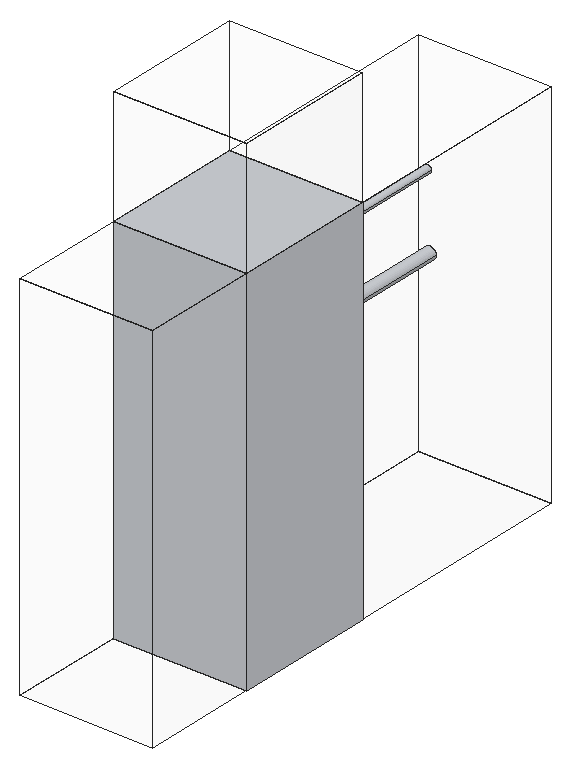
Revit family
Parameters (values of type "PBN2001")
  WATER CONN SIZE = 2 1/2"  # constant formula
  Voltage/Heater = "120"
  VENT SIZE = Vent Radius * 2  # 8"
  Total Amps = "6.5"
  Top Clearance Depth = 24"
  SES BIM Studio # = "201264901-8"
  GAS CONN SIZE = Gas Conn Radius * 2  # 1 1/2"
  Front Clearance Depth = 24"
  Drain Radius = 3/8"  # constant formula
  Control Voltage = "24"
  C_WIDTH = 27 1/4"
  Vent Radius = if(A_HEIGHT = 44 1/2", if(with Category II Conversion Kit, 3 1/2", 2"), if(A_HEIGHT = 52", if(with Category II Conversion Kit, 4 1/2", 2 1/2"), if(A_HEIGHT = 59 1/4", if(with Category II Conversion Kit, 5", 3"), if(A_HEIGHT = 67 3/4", if(with Category II Conversion Kit, 6", 4"), if(A_HEIGHT = 65 1/2", if(with Category II Conversion Kit, 4", 3"), if(A_HEIGHT = 70", if(with Category II Conversion Kit, 4 1/2", 3 1/2"), if(with Category II Conversion Kit, 5", 4")))))))  # 4"
  G_Vent Length = 8"
  M_Vent Height = 27 1/2"
  F_Vent Offset From Left = 13 1/2"
  URL = "http://www.lochinvar.com/products/default.aspx?type=productline&lineid=6"
  L_Water Outlet Offset From Left = 5 3/4"
  OUTPUT RATE (BTUH) = "1700000"
  Model = "PBN2001"
  Manufacturer = "Lochinvar"
  MODEL NO. = "PBN2001"
  B_LENGTH = 29 3/4"
  Keynote = ""
  Pipe Length = 24 1/2"
  K_Water Inlet & Outlet Height = 54 3/4"
  N_Water Inlet Offset From Left = 21 1/2"
  INPUT RATE (BTUH) = "2000000"
  A_HEIGHT = 76 3/4"
  D_Gas Conn Height = 70"
  Gas Conn Radius = 3/4"
  E_Gas Conn Offset From Left = 21"
  FUEL TYPE = ""
  Description = "Power-Fin Boiler"
  with Category II Conversion Kit = no
  Back Clearance Length = Pipe Length + 24"  # 48 1/2"
  Air Inlet Radius = 4"
  J_Air Inlet Offset from Left = 9 1/2"
  H_Air Inlet Offset From Top = 10"
  AIR INLET SIZE = Air Inlet Radius * 2  # 8"
  # of Connections = "1"
Types (8): name | Voltage/Heater | VENT SIZE | Total Amps | Top Clearance Depth | GAS CONN SIZE | Front Clearance Depth | Control Voltage | C_WIDTH | Vent Radius | G_Vent Length | M_Vent Height | F_Vent Offset From Left | L_Water Outlet Offset From Left | OUTPUT RATE (BTUH) | Model | MODEL NO. | B_LENGTH | Pipe Length | K_Water Inlet & Outlet Height | N_Water Inlet Offset From Left | INPUT RATE (BTUH) | A_HEIGHT | D_Gas Conn Height | Gas Conn Radius | E_Gas Conn Offset From Left | Back Clearance Length | Air Inlet Radius | J_Air Inlet Offset from Left | H_Air Inlet Offset From Top | AIR INLET SIZE | # of Connections
  (no name) | "120" | 8" | "6.5" | 24" | 1 1/2" | 24" | "24" | 27 1/4" | 4" | 8" | 27 1/2" | 13 1/2" | 5 3/4" | "1700000" | "PBN2001" | "PBN2001" | 29 3/4" | 24 1/2" | 54 3/4" | 21 1/2" | "2000000" | 76 3/4" | 70" | 3/4" | 21" | 48 1/2" | 4" | 9 1/2" | 10" | 8" | "1"
  PBN0502 | "" | 4" | "" | 0" | 1" | 0" | "" | 23 1/4" | 2" | 6" | 11 1/4" | 6 1/2" | 11 1/2" | "425000" | "PBN0502" | "PBN0502" | 28 1/2" | 15 1/4" | 23" | 17 1/2" | "500000" | 44 1/2" | 34" | 1/2" | 17 3/4" | 39 1/4" | 2 1/2" | 7 3/4" | 8" | 5" | ""
  PBN0752 | "120" | 5" | "6.7" | 0" | 1 1/4" | 0" | "24" | 23 1/4" | 2 1/2" | 6" | 11 1/4" | 6 3/4" | 11 1/2" | "638000" | "PBN0752" | "PBN0752" | 28 1/2" | 15 1/4" | 30 1/2" | 17 1/2" | "750000" | 52" | 41 1/2" | 5/8" | 17 3/4" | 39 1/4" | 2 1/2" | 7 3/4" | 8" | 5" | "1"
  PBN1002 | "120" | 6" | "6.7" | 0" | 1 1/4" | 0" | "24" | 23 1/4" | 3" | 6" | 11 1/4" | 7 1/4" | 11 1/2" | "850000" | "PBN1002" | "PBN1002" | 28 1/2" | 15 1/4" | 37 3/4" | 17 1/2" | "999000" | 59 1/4" | 48 3/4" | 5/8" | 17 3/4" | 39 1/4" | 3" | 7 3/4" | 8" | 6" | "1"
  PBN1302 | "120" | 8" | "6.7" | 0" | 1 1/4" | 0" | "24" | 23 1/4" | 4" | 6" | 19 1/2" | 8 1/4" | 11 1/2" | "1105000" | "PBN1302" | "PBN1302" | 28 1/2" | 15 1/4" | 46 1/4" | 17 1/2" | "1300000" | 67 3/4" | 57 1/4" | 5/8" | 17 3/4" | 39 1/4" | 3" | 7 3/4" | 8" | 6" | "1"
  PBN1501 | "120" | 6" | "6.5" | 0" | 1 1/2" | 0" | "24" | 27 1/4" | 3" | 8" | 22 1/4" | 13 1/2" | 5 3/4" | "1275000" | "PBN1501" | "PBN1501" | 29 3/4" | 24 1/2" | 43 1/2" | 21 1/2" | "1500000" | 65 1/2" | 58 3/4" | 3/4" | 21" | 48 1/2" | 3" | 9 1/2" | 10" | 6" | "1"
  PBN1701 | "120" | 7" | "6.5" | 0" | 1 1/2" | 0" | "24" | 27 1/4" | 3 1/2" | 8" | 25" | 13 1/2" | 5 3/4" | "1445000" | "PBN1701" | "PBN1701" | 29 3/4" | 24 1/2" | 48" | 21 1/2" | "1700000" | 70" | 63 1/4" | 3/4" | 21" | 48 1/2" | 3 1/2" | 9 1/2" | 10" | 7" | "1"
  PBN2001 | "120" | 8" | "6.5" | 24" | 1 1/2" | 24" | "24" | 27 1/4" | 4" | 8" | 27 1/2" | 13 1/2" | 5 3/4" | "1700000" | "PBN2001" | "PBN2001" | 29 3/4" | 24 1/2" | 54 3/4" | 21 1/2" | "2000000" | 76 3/4" | 70" | 3/4" | 21" | 48 1/2" | 4" | 9 1/2" | 10" | 8" | "1"
Reference planes (in)
  plane 1 "Back": y = -11.25
  plane 2: z = 0
  plane 3 "Left": x = 0
  plane 4 "Right": x = 27.25
  plane 5 "Front": y = -41
  plane 6: y = 13.25
  plane 7 "Vent Length": y = -3.25
Forms (in)
  Extrusion 1, solid
    sketch origin (2, -32, 0) x (1, 0, 0) y (0, 1, 0)
      loop
        line (-2, -9) -> (25.25, -9) -> (25.25, 20.75) -> (-2, 20.75) -> (-2, -9)
    from 0 to 76.75 <- "A_HEIGHT"
  Extrusion 2, solid
    sketch origin (0, -11.25, 0) x (1, 0, 0) y (0, 0, 1)
      loop
        circle (13.5, 27.5) r 4
    from 0 to -8
  Extrusion 3, solid
    sketch origin (0, -11.25, 0) x (1, 0, 0) y (0, 0, 1)
      loop
        circle (5.75, 54.75) r 1.25
    from 0 to -24.5
  Extrusion 4, solid
    sketch origin (7, -11.25, 0) x (1, 0, 0) y (0, 0, 1)
      loop
        circle (14.5, 54.75) r 1.25
    from 0 to -24.5
  Extrusion 5, solid
    sketch origin (7, -11.25, 9) x (1, 0, 0) y (0, 0, 1)
      loop
        circle (14, 61) r 0.75
    from 0 to -24.5
  Extrusion 6, solid
    sketch origin (0, -11.25, 0) x (1, 0, 0) y (0, 0, 1)
      loop
        circle (9.5, 66.75) r 4
    from 0 to -3
  Extrusion 7, solid, material "Clearance"
    sketch origin (27.25, -41, 0) x (-1, 0, 0) y (0, 0, -1)
      loop
        line (27.25, -76.75) -> (27.25, 0) -> (0, 0) -> (0, -76.75) -> (27.25, -76.75)
    from 0 to 24
  Extrusion 8, solid, material "Clearance"
    sketch origin (2, -32, 76.75) x (1, 0, 0) y (0, 1, 0)
      loop
        line (-2, 20.75) -> (-2, -9) -> (25.25, -9) -> (25.25, 20.75) -> (-2, 20.75)
    from 0 to 24
  Extrusion 9, solid, material "Clearance"
    sketch origin (0, -11.25, 0) x (1, 0, 0) y (0, 0, -1)
      loop
        line (27.25, -76.75) -> (27.25, 0) -> (0, 0) -> (0, -76.75) -> (27.25, -76.75)
    from 0 to 48.5 <- "Back Clearance Length"
  Extrusion 10, solid
    sketch origin (5.875, -11.25, -26.375) x (1, 0, 0) y (0, 0, 1)
      loop
        circle (13.5, 27.5) r 0.375
    from 0 to -8
  Extrusion 11, solid
    sketch origin (3.875, -11.25, -26.375) x (1, 0, 0) y (0, 0, 1)
      loop
        circle (13.5, 27.5) r 0.375
    from 0 to -8
Dimensions and locks (in)
  "F_Vent Offset From Left": Extrusion 1 to Extrusion 2 sketch curve
  "M_Vent Height": Extrusion 1 to Extrusion 2 sketch curve
  "L_Water Outlet Offset From Left": Extrusion 1 to Extrusion 3 sketch curve
  "K_Water Inlet & Outlet Height": level to Extrusion 3 sketch curve
  "K_Water Inlet & Outlet Height": level to Extrusion 4 sketch curve
  "N_Water Inlet Offset From Left": Extrusion 1 to Extrusion 4 sketch curve
  "E_Gas Conn Offset From Left": Extrusion 1 to Extrusion 5 sketch curve
  "D_Gas Conn Height": level to Extrusion 5 sketch curve
  "J_Air Inlet Offset from Left": Extrusion 1 to Extrusion 6 sketch curve
  "H_Air Inlet Offset From Top": Extrusion 6 sketch curve to Extrusion 1
  "C_WIDTH": plane 3 "Left" to plane 4 "Right"
  "B_LENGTH": plane 5 "Front" to plane 1 "Back"
  "Pipe Length": plane 1 "Back" to plane 6
  "G_Vent Length": plane 1 "Back" to plane 7 "Vent Length"
  "Vent Radius": radius of Extrusion 2 sketch curve
  radius of Extrusion 3 sketch curve = 1 1/4"
  radius of Extrusion 4 sketch curve = 1 1/4"
  "Gas Conn Radius": radius of Extrusion 5 sketch curve
  "Air Inlet Radius": radius of Extrusion 6 sketch curve
  "Drain Radius": radius of Extrusion 10 sketch curve
  "Drain Radius": radius of Extrusion 11 sketch curve
  aligned and locked: Extrusion 1 to plane 3 "Left"
  aligned and locked: Extrusion 1 to plane 1 "Back"
  aligned and locked: Extrusion 1 to plane 4 "Right"
  aligned and locked: Extrusion 1 to plane 5 "Front"
  aligned and locked: Extrusion 5 to plane 6
  aligned and locked: Extrusion 4 to Extrusion 5
  aligned and locked: Extrusion 3 to plane 6
  aligned and locked: Extrusion 2 to plane 7 "Vent Length"
  aligned and locked: Extrusion 7 sketch curve to Extrusion 1  (x4)
  aligned and locked: Extrusion 8 sketch curve to Extrusion 1  (x2)
  aligned and locked: plane 5 "Front" to Extrusion 8 sketch curve
  aligned and locked: Extrusion 8 sketch curve to Extrusion 7
  aligned and locked: Extrusion 9 sketch curve to Extrusion 1  (x4)
Automatic sketch dimensions
  plane 3 "Left" to Extrusion 1 sketch curve = 0"
  plane 1 "Back" to Extrusion 1 sketch curve = 29 3/4"
  plane 3 "Left" to Extrusion 1 sketch curve = 27 1/4"
  Extrusion 1 sketch curve to Extrusion 1 sketch curve = 29 3/4"
  plane 4 "Right" to Extrusion 10 sketch curve = 7 7/8"
  level to Extrusion 10 sketch curve = 1 1/8"
  level to Extrusion 11 sketch curve = 1 1/8"
  plane 4 "Right" to Extrusion 11 sketch curve = 9 7/8"
Connectors (in)
  piping at (21, 13.25, 70), driven by "Gas Conn Radius"
    settings: on Extrusion 5, index 2, connector radius 3/4", flow factor 0, pipe flow 0 GPM, pressure drop 0.00 psi, fitting loss kfactor 0, connector angle 0.00°, fixture units 0, flow configuration 1, flow direction 1, fitting loss method 0, system type 22, connector reference index -1, connector utility 0, adjustable connector no, is connector primary yes, fitting loss table "", connector description "Gas Connection"
  piping at (21.5, 13.25, 54.75)
    settings: on Extrusion 4, index 4, connector radius 1 1/4", flow factor 0, pipe flow 0 GPM, pressure drop 0.00 psi, fitting loss kfactor 0, connector angle 0.00°, fixture units 0, flow configuration 0, flow direction 1, fitting loss method 0, system type 7, connector reference index -1, connector utility 0, adjustable connector no, is connector primary no, fitting loss table "", connector description "Cold Water Inlet"
  piping at (5.75, 13.25, 54.75)
    settings: on Extrusion 3, index 5, connector radius 1 1/4", flow factor 0, pipe flow 0 GPM, pressure drop 0.00 psi, fitting loss kfactor 0, connector angle 0.00°, fixture units 0, flow configuration 0, flow direction 2, fitting loss method 0, system type 7, connector reference index -1, connector utility 0, adjustable connector no, is connector primary no, fitting loss table "", connector description "Hot Water Outlet"
  hvac at (13.5, -3.25, 27.5), driven by "Vent Radius"
    settings: on Extrusion 2, index 6, duct flow 0 CFM, flow factor 0, pres drop 0.00 in-wg, loss coef 0, conn angle 0.00°, conn width 12", conn height 12", conn radius 4", duct sys type 3, conn prof type 0, flow config 0, flow direction 2, loss method 0, conn ref index -1, conn util no, is conn primary yes, conn desc "Exhaust Vent"
  hvac at (9.5, -8.25, 66.75), driven by "Air Inlet Radius"
    settings: on Extrusion 6, index 7, duct flow 0 CFM, flow factor 0, pres drop 0.00 in-wg, loss coef 0, conn angle 0.00°, conn width 12", conn height 12", conn radius 4", duct sys type 1, conn prof type 0, flow config 0, flow direction 1, loss method 0, conn ref index -1, conn util no, is conn primary no, conn desc "Air Inlet Conn"
  piping at (19.375, -3.25, 1.125), driven by "Drain Radius"
    settings: on Extrusion 10, index 8, connector radius 3/8", flow factor 0, pipe flow 0 GPM, pressure drop 0.00 psi, fitting loss kfactor 0, connector angle 0.00°, fixture units 0, flow configuration 0, flow direction 2, fitting loss method 0, system type 22, connector reference index -1, connector utility 0, adjustable connector no, is connector primary no, fitting loss table "", connector description "Drain 1"
  piping at (17.375, -3.25, 1.125), driven by "Drain Radius"
    settings: on Extrusion 11, index 9, connector radius 3/8", flow factor 0, pipe flow 0 GPM, pressure drop 0.00 psi, fitting loss kfactor 0, connector angle 0.00°, fixture units 0, flow configuration 0, flow direction 2, fitting loss method 0, system type 22, connector reference index -1, connector utility 0, adjustable connector no, is connector primary no, fitting loss table "", connector description "Drain 2"
